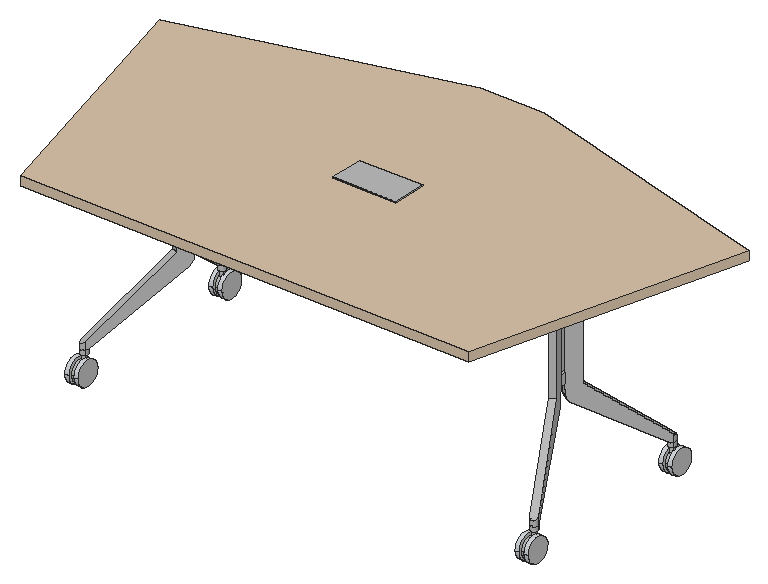
Revit family "Haworth_Planes_CollaborativeTable_Polygon", category Furniture Systems, Revit 2018
Family settings
  Round Connector Dimension = Use Diameter
  Part Type = Normal
  OmniClass Number = 23.40.70.14.64.21
  OmniClass Title = Systems Furniture
  Work Plane-Based = No
  Always vertical = Yes
  Cut with Voids When Loaded = No
  Shared = No
  Room Calculation Point = No
Parameters (values of type "72w 36d")
  Warranty = "http://www.haworth.com/resources/product-info/warranties"
  URL - Product = "http://www.haworth.com/products/tables/collaborative/planes"
  Table Finish [instance] = Haworth _ Laminate _ Maple H-AE
  Table Edge Finish [instance] = Haworth _ Laminate _ Maple H-AE
  Sustainability Info = "https://www.haworth.com/company-info/sustainability"
  Stretcher Width = Actual Width - ([Support Spacing - From Edge] * 2)  # 47 55/128"
  Small = no
  Opening Single Wide = no
  Opening Single = not(Opening Single Wide)  # yes
  Large = not(Small)  # yes
  Knife Edge = not(Edgeband)  # no
  Flip Top Width = Cutout Width + 5/16"  # 8 5/16"
  Flip Top Finish = Haworth _ Paint _ Metallic Champagne
  Flip Top Depth = Cutout Depth + 7/16"  # 4 7/16"
  Edgeband = yes
  Model = "TACV"  # constant formula
  Leg Finish [instance] = Haworth _ Paint _ Metallic Champagne
  Glides = not(Casters)  # no
  Flip Top = yes
  Description = "Haworth - Planes Collaborative Table - Polygon - 72w 36d"
  Cutout Width = if(Opening Single Wide, 11", 8")  # 8"
  Cutout Depth = 4"  # constant formula
  Cutout = yes
  URL = "www.haworth.com"
  Table Thickness = 1 3/16"  # constant formula
  Support Spacing - From Edge = 15"  # constant formula
  Size = "Verify Final Dim. w/ Haworth"  # constant formula
  Revision Number = "6"  # constant formula
  Min/Max Width = "60 or 72 in."  # constant formula
  Min/Max Depth = "30 or 36 in."  # constant formula
  Min. Width = 60"  # constant formula
  Max. Width = 72"  # constant formula
  Min. Depth = 30"  # constant formula
  Max. Depth = 36"  # constant formula
  Manufacturer = "Haworth"  # constant formula
  Leg Height = Actual Height - Table Thickness  # 27 13/16"
  Casters = yes
  Caster Finish = Haworth _ Paint _ Metallic Champagne
  Author = "Haworth (Alias), SHAPE Environments, LLC"  # constant formula
  Assembly Code = "E2020200"
  Actual Width = if(Large, 77 55/128", 65 115/128")  # 77 55/128"
  Actual Height = 29"  # constant formula
  Actual Depth = if(Large, 43 115/128", 36 143/256")  # 43 115/128"
Types (2): name | Sustainability Info | Stretcher Width | Small | Large | Description | Actual Width | Actual Depth
  72w 36d | "https://www.haworth.com/company-info/sustainability" | 47 55/128" | no | yes | "Haworth - Planes Collaborative Table - Polygon - 72w 36d" | 77 55/128" | 43 115/128"
  60w 30d | "http://www.haworth.com/company-info/sustainablility" | 35 115/128" | yes | no | "Haworth - Planes Collaborative Table - Polygon - 60w 30d" | 65 115/128" | 36 143/256"
Reference planes (in)
  plane 1 "Center F/B": y = 0
  plane 2: z = 0
  plane 3 "Center L/R": x = 0
  plane 4 "Table Edge Left": x = -38.71484
  plane 5 "Table Edge Right": x = 38.71484
  plane 6 "Table Edge Front": y = 21.94922
  plane 7 "Table Edge Back": y = -21.94922
  plane 8 "Table Leg Left": x = -23.71484
  plane 9 "Table Leg Right": x = 23.71484
  plane 10 "Top": z = 29
Dimensions and locks (in)
  "Support Spacing - From Edge": plane 4 "Table Edge Left" to plane 8 "Table Leg Left"
  "Support Spacing - From Edge": plane 9 "Table Leg Right" to plane 5 "Table Edge Right"
  "Actual Width": plane 4 "Table Edge Left" to plane 5 "Table Edge Right"
  equal spacing: plane 4 "Table Edge Left", plane 3 "Center L/R", plane 5 "Table Edge Right"
  "Actual Depth": plane 6 "Table Edge Front" to plane 7 "Table Edge Back"
  equal spacing: plane 6 "Table Edge Front", plane 1 "Center F/B", plane 7 "Table Edge Back"
  "Actual Height": plane 10 "Top" to level
  aligned: plane 9 "Table Leg Right" to nested 2
  aligned: plane 8 "Table Leg Left" to nested 1
  aligned and locked: plane 8 "Table Leg Left" to nested 1
  aligned and locked: plane 9 "Table Leg Right" to nested 2
  aligned and locked: nested 4 to plane 1 "Center F/B"
  aligned and locked: plane 3 "Center L/R" to nested 4
  aligned and locked: plane 2 to nested 4
  aligned and locked: nested 2 to plane 2
  aligned and locked: plane 2 to nested 1
  aligned and locked: plane 2 to nested 5
  aligned and locked: plane 1 "Center F/B" to nested 5
  aligned and locked: plane 3 "Center L/R" to nested 5
  aligned and locked: plane 3 "Center L/R" to nested 3
  aligned and locked: plane 1 "Center F/B" to nested 3
  aligned and locked: nested 2 to plane 1 "Center F/B"
  aligned and locked: plane 1 "Center F/B" to nested 1
  aligned and locked: plane 10 "Top" to nested 3
Nested families (in)
  nested 1: "Haworth_Leg-Y_Part" at (-23.71484, 0, 0), type "Leg"
  nested 2: "Haworth_Leg-Y_Part" at (23.71484, 0, 0) x (-1, 0, 0) z (0, 0, 1), type "Leg"
  nested 3: "Haworth_Worksurface_FlipTop_Unit_Part" at (-0.57037, -0.05249, 29), visible <- "Flip Top", type "Single Sided"
    with Actual Width 8 5/16", Actual Depth 4 7/16"
  nested 4: "Haworth_Planes_CollaborativeTable_Stretcher_Part" at (0, -3.19283, 0), type "Stretcher"
    with Actual Width 47 55/128"
  nested 5: "Haworth_Planes_Collaborative_Worksurface_Polygon_Part" at (0, -15, 0), type "Worksurface"
    with Small no, Knife Edge no
Definition of nested family "Haworth_Leg-Y_Part"
  Parameters (values of type "Leg")
    Leg Height = 27 13/16"
    Leg Finish = none
    Glides = no
    Casters = yes
    Caster Finish = none
    Assembly Code = ""
  Reference planes (in)
    plane 1 "Center (Front/Back)": y = 0
    plane 2 "Bottom": z = 0
    plane 3 "Center (Left/Right)": x = 0
    plane 4 "Top of Leg": z = 27.8125
    plane 5 "Y Leg Stand": x = -5.875
    plane 6 "Left Y Leg": through (-0.17621, 0.60996, 48) normal (-0.8829, -0.4695, 0)
    plane 7 "Left Post": x = -0.5625
    plane 8 "Left Support": y = 11.32793
    plane 9: through (-0.17621, -0.60996, 48) normal (0.8829, -0.4695, 0)
    plane 10: y = -11.32793
  Forms (in)
    Extrusion 1, solid, material <- "Leg Finish"
      sketch origin (-0.51599, 0, 0) x (1, 0, 0) y (0, 0, 1)
        loop
          line (0.28125, 13.625) -> (0.28125, 14.875) -> (-0.04651, 14.875) -> (-0.04651, 13.625) -> (0.28125, 13.625)
      from -1 to 1
    Extrusion 2, solid, material <- "Leg Finish"
      sketch origin (-0.17621, 0.60996, 48) x (0.469468, -0.88295, 0) y (0, 0, -1)
        loop
          line (-2, 34.75027) -> (-2, 20.1875) -> (0, 20.1875) -> (0, 34.38219) -> (-0.09992, 35.81107)
          arc (-0.09992, 35.81107) -> (-0.23667, 36.25861) -> (-0.55568, 36.601) r 1.04081
          line (-0.55568, 36.601) -> (-11.7751, 43.96035) -> (-12.64299, 43.96035) -> (-12.64299, 43.40736) -> (-2, 34.75027)
      from -0.4375 to 0.4375
    Extrusion 3, void
      sketch origin (0.73566, 0.86334, 0) x (0.88295, 0.469468, 0) y (-0.469468, 0.88295, 0)
        loop
          arc (-1.36158, 12.3432) -> (-0.92408, 12.7807) -> (-0.48658, 12.3432) r 0.4375
          line (-0.48658, 12.3432) -> (-0.31134, 12.3432) -> (-0.31134, 12.89092) -> (-1.53683, 12.89092) -> (-1.53683, 12.3432) -> (-1.36158, 12.3432)
      from 3.22588 to 5.51592
    Revolve 4, solid, material <- "Leg Finish", visible <- "Glides"
      sketch origin (-5.88448, -0.04176, 0) x (-0.000803, -1, 0) y (0, 0, 1)
        loop
          line (-11.36969, 3.4375) -> (-11.36969, 0) -> (-10.36969, 0) -> (-10.36969, 0.1875) -> (-10.93219, 0.1875) -> (-10.93219, 3.4375) -> (-11.36969, 3.4375)
        axis (-11.36969, 3.4375) -> (-11.36969, 0)
      angle from 0 to 360
    Extrusion 5, solid, material <- "Leg Finish"
      sketch origin (0.73566, 0.86334, 0) x (0.88295, 0.469468, 0) y (-0.469468, 0.88295, 0)
        loop
          circle (-0.92408, 12.3432) r 0.4375
      from 3.4375 to 4.03965
    Extrusion 6, solid, material <- "Leg Finish"
      sketch origin (-0.17621, -0.60996, 48) x (0.469468, 0.88295, 0) y (0, 0, 1)
        loop
          line (-2, -34.75027) -> (-12.64299, -43.40736) -> (-12.64299, -43.96035) -> (-11.7751, -43.96035) -> (-0.55568, -36.601)
          arc (-0.55568, -36.601) -> (-0.23667, -36.25861) -> (-0.09992, -35.81107) r 1.04081
          line (-0.09992, -35.81107) -> (0, -34.38219) -> (0, -20.1875) -> (-2, -20.1875) -> (-2, -34.75027)
      from -0.4375 to 0.4375
    Extrusion 7, void
      sketch origin (0.73566, -0.86334, 0) x (0.88295, -0.469468, 0) y (0.469468, 0.88295, 0)
        loop
          line (-1.36158, -12.3432) -> (-1.53683, -12.3432) -> (-1.53683, -12.89092) -> (-0.31134, -12.89092) -> (-0.31134, -12.3432) -> (-0.48658, -12.3432)
          arc (-0.48658, -12.3432) -> (-0.92408, -12.7807) -> (-1.36158, -12.3432) r 0.4375
      from 3.22588 to 5.51592
    Revolve 8, solid, material <- "Leg Finish", visible <- "Glides"
      sketch origin (-5.88378, 0.04176, 0) x (-0.000803, 1, 0) y (0, 0, -1)
        loop
          line (-11.36969, -3.4375) -> (-10.93219, -3.4375) -> (-10.93219, -0.1875) -> (-10.36969, -0.1875) -> (-10.36969, 0) -> (-11.36969, 0) -> (-11.36969, -3.4375)
        axis (-11.36969, -3.4375) -> (-11.36969, 0)
      angle from 0 to 360
    Extrusion 9, solid, material <- "Leg Finish"
      sketch origin (0.73566, -0.86334, 0) x (0.88295, -0.469468, 0) y (0.469468, 0.88295, 0)
        loop
          circle (-0.92408, -12.3432) r 0.4375
      from 3.4375 to 4.03965
  Cuts and joins
    Extrusion 3, Extrusion 7 cuts Extrusion 1
    Extrusion 3, Extrusion 7 cuts Extrusion 2
    Extrusion 7 cuts Extrusion 5
    Extrusion 7 cuts Extrusion 6
    Extrusion 7 cuts Extrusion 9
    joined: Extrusion 1, Extrusion 2, Extrusion 5, Extrusion 6, Extrusion 9
    Extrusion 7 cuts Revolve 4
    Extrusion 7 cuts Revolve 8
  Lines and regions (in)
    Masking region 1
      outline origin (0, 0, 0) x (1, 0, 0) y (0, 1, 0)
        loop
          line (0.21008, 0.81535) -> (-5.48871, 11.53332)
          arc (-5.48871, 11.53332) -> (-6.08039, 11.71422) -> (-6.26129, 11.12254) r 0.4375
          line (-6.26129, 11.12254) -> (-0.5625, 0.40456) -> (-0.5625, -0.40456) -> (-6.26129, -11.12254)
          arc (-6.26129, -11.12254) -> (-6.08039, -11.71422) -> (-5.48871, -11.53332) r 0.4375
          line (-5.48871, -11.53332) -> (0.21008, -0.81535) -> (-0.23474, -0.57883) -> (-0.23474, 0.57883) -> (0.21008, 0.81535)
    symbolic lines, visible <- "Glides"
      curve 1: circle (-5.875, -11.32793, 0) r 1 normal (0, 0, 1)
      curve 2: circle (-5.875, 11.32793, 0) r 1 normal (0, 0, 1)
  Dimensions and locks (in)
    "Leg Height": plane 4 "Top of Leg" to level
    plane 5 "Y Leg Stand" to plane 3 "Center (Left/Right)" = 5 7/8"
    locked: plane 7 "Left Post" to plane 3 "Center (Left/Right)" at 0.5625
  Automatic sketch dimensions
    plane 7 "Left Post" to Extrusion 1 sketch curve = 0"
    Extrusion 1 sketch curve to plane 3 "Center (Left/Right)" = 0.23474"
    level to Extrusion 1 sketch curve = 13 5/8"
    Extrusion 1 sketch curve to Extrusion 1 sketch curve = 1 1/4"
    plane 4 "Top of Leg" to Extrusion 2 sketch curve = 0"
    Extrusion 2 sketch curve to level = 4.59264"
    Extrusion 2 sketch curve to level = 4.03965"
    Extrusion 2 sketch curve to Extrusion 2 sketch curve = 0.86789"
    Extrusion 2 sketch curve to Extrusion 2 sketch curve = 10.64299"
    Extrusion 2 sketch curve to Extrusion 2 sketch curve = 0.86181"
    Extrusion 2 sketch curve to level = 11.399"
    Extrusion 2 sketch curve to Extrusion 2 sketch curve = 0.58251"
    Extrusion 2 sketch curve to level = 12.18893"
    Extrusion 2 sketch curve to Extrusion 2 sketch curve = 0.45577"
    Extrusion 2 sketch curve to Extrusion 2 sketch curve = 2"
    Extrusion 2 sketch curve to Extrusion 2 sketch curve = 0.98819"
    Extrusion 2 sketch curve to Extrusion 2 sketch curve = 1.42888"
    Extrusion 3 sketch curve to plane 5 "Y Leg Stand" = 0"
    Extrusion 3 sketch curve to plane 6 "Left Y Leg" = 0"
    Extrusion 3 sketch curve to plane 6 "Left Y Leg" = 7/16"
    Extrusion 3 sketch curve to Extrusion 3 sketch curve = 0.17524"  (x2)
    Extrusion 3 sketch curve to Extrusion 3 sketch curve = 0.54772"
    Revolve 4 sketch curve to level = 0"
    level to Revolve 4 sketch curve = 3.42885"
    Revolve 4 sketch curve to Revolve 4 sketch curve = 0"
    level to Revolve 4 sketch curve = 3/16"
    Revolve 4 sketch curve to Revolve 4 sketch curve = 7/16"
    Revolve 4 sketch curve to Revolve 4 sketch curve = 9/16"
    Revolve 4 sketch curve to level = 1.07115"
    Revolve 4 sketch curve to Revolve 4 sketch curve = 0.00865"
    Extrusion 5 sketch curve to plane 5 "Y Leg Stand" = 0"
    Extrusion 5 sketch curve to plane 6 "Left Y Leg" = 0"
    Extrusion 6 sketch curve to plane 4 "Top of Leg" = 0"
    level to Extrusion 6 sketch curve = 4.59264"
    level to Extrusion 6 sketch curve = 4.03965"
    Extrusion 6 sketch curve to Extrusion 6 sketch curve = 0.86789"
    Extrusion 6 sketch curve to Extrusion 6 sketch curve = 10.64299"
    Extrusion 6 sketch curve to Extrusion 6 sketch curve = 0.86181"
    level to Extrusion 6 sketch curve = 11.399"
    Extrusion 6 sketch curve to Extrusion 6 sketch curve = 0.58251"
    level to Extrusion 6 sketch curve = 12.18893"
    Extrusion 6 sketch curve to Extrusion 6 sketch curve = 0.45577"
    Extrusion 6 sketch curve to Extrusion 6 sketch curve = 2"
    Extrusion 6 sketch curve to Extrusion 6 sketch curve = 0.98819"
    Extrusion 6 sketch curve to Extrusion 6 sketch curve = 1.42888"
    Extrusion 7 sketch curve to plane 5 "Y Leg Stand" = 0"
    plane 9 to Extrusion 7 sketch curve = 0"
    plane 9 to Extrusion 7 sketch curve = 7/16"
    Extrusion 7 sketch curve to Extrusion 7 sketch curve = 0.17524"  (x2)
    Extrusion 7 sketch curve to Extrusion 7 sketch curve = 0.54772"
    Revolve 8 sketch curve to level = 0"
    level to Revolve 8 sketch curve = 3.42885"
    Revolve 8 sketch curve to Revolve 8 sketch curve = 0"
    level to Revolve 8 sketch curve = 3/16"
    Revolve 8 sketch curve to Revolve 8 sketch curve = 7/16"
    Revolve 8 sketch curve to Revolve 8 sketch curve = 9/16"
    Revolve 8 sketch curve to Revolve 8 sketch curve = 0.00865"
    Revolve 8 sketch curve to level = 1.07115"
    Extrusion 9 sketch curve to plane 5 "Y Leg Stand" = 0"
    plane 9 to Extrusion 9 sketch curve = 0"
    Masking region 1 sketch curve to plane 5 "Y Leg Stand" = 0"  (x2)
    Masking region 1 sketch curve to plane 7 "Left Post" = 0"
    plane 9 to Masking region 1 sketch curve = 0"
    Masking region 1 sketch curve to plane 6 "Left Y Leg" = 0"
    plane 5 "Y Leg Stand" to Masking region 1 sketch curve = 0.38629"  (x2)
    Masking region 1 sketch curve to plane 8 "Left Support" = 0.20539"
    plane 10 to Masking region 1 sketch curve = 0.20539"
    plane 8 "Left Support" to Masking region 1 sketch curve = 0.20539"
    plane 3 "Center (Left/Right)" to Masking region 1 sketch curve = 0.21008"  (x2)
    Masking region 1 sketch curve to plane 3 "Center (Left/Right)" = 0.23474"
    Masking region 1 sketch curve to Masking region 1 sketch curve = 0.17427"  (x2)
    Masking region 1 sketch curve to plane 5 "Y Leg Stand" = 0.38629"
    plane 1 "Center (Front/Back)" to Masking region 1 sketch curve = 0.81535"
    Masking region 1 sketch curve to plane 1 "Center (Front/Back)" = 0.40456"
    curve 2 to plane 5 "Y Leg Stand" = 0"
    curve 1 to plane 5 "Y Leg Stand" = 0"
    plane 9 to curve 1 = 0"
    curve 2 to plane 6 "Left Y Leg" = 0"
    radius of Extrusion 5 sketch curve = 7/16"
    radius of Extrusion 9 sketch curve = 7/16"
    radius of curve 1 = 1"
    radius of curve 2 = 1"
  Nested families (in)
    nested 1: "Haworth_3in Caster" at (-5.875, 11.32793, 0), visible <- "Casters", type "Haworth_3in Caster"
    nested 2: "Haworth_3in Caster" at (-5.875, -11.32793, 0), visible <- "Casters", type "Haworth_3in Caster"
  Definition of nested family "Haworth_3in Caster"
    Parameters (values of type "Haworth_3in Caster")
      Glides = yes
      Caster Finish = none
      Cart Leg Finish = none
      Assembly Code = ""
    Reference planes (in)
      plane 1 "Center (Front/Back)": y = 0
      plane 2: z = 0
      plane 3 "Center (Left/Right)": x = 0
    Forms (in)
      Extrusion 1, solid
        sketch origin (0, 0, -0.02118) x (0, 1, 0) y (0, 0, 1)
          loop
            circle (-0.48695, 1.58368) r 1.5625
        from 0.875 to 0.3125
      Extrusion 2, solid
        sketch origin (0, 0, -0.02118) x (0, 1, 0) y (0, 0, 1)
          loop
            circle (-0.48695, 1.58368) r 1.5625
        from -0.875 to -0.3125
      Extrusion 3, solid
        sketch origin (0, 0, 0) x (0, 1, 0) y (0, 0, 1)
          loop
            circle (-0.48695, 1.5625) r 1.3125
        from -0.3125 to 0.3125
      Extrusion 4, solid
        sketch origin (0, 0, 0) x (1, 0, 0) y (0, 1, 0)
          loop
            circle (0, 0) r 0.25
        from 2.4375 to 3.4375
    Cuts and joins
      joined: Extrusion 3, Extrusion 4
    Lines and regions (in)
      Masking region 1
        outline origin (0, 0, 0) x (1, 0, 0) y (0, 1, 0)
          loop
            line (-0.875, 1.07555) -> (-0.875, -2.04945) -> (-0.3125, -2.04945) -> (-0.3125, -1.79945) -> (0.3125, -1.79945) -> (0.3125, -2.04945) -> (0.875, -2.04945) -> (0.875, 1.07555) -> (0.3125, 1.07555) -> (0.3125, 0.82555) -> (-0.3125, 0.82555) -> (-0.3125, 1.07555) -> (-0.875, 1.07555)
      symbolic lines
        curve 1: circle (0, 0, 0) r 0.25 normal (0, 0, 1)
    Dimensions and locks (in)
      plane 3 "Center (Left/Right)" to Extrusion 2 = 5/16"
      Extrusion 1 to plane 3 "Center (Left/Right)" = 7/8"
Definition of nested family "Haworth_Worksurface_FlipTop_Unit_Part"
  Parameters (values of type "Single Sided")
    Warranty = "www.haworth.com/en-us/Products/Pages/Certifications.aspx"
    URL - Product = "www.haworth.com/en-us/Products/Furniture/Systems/Desking-Systems/Pages/Compose.aspx"
    URL = "www.haworth.com"
    Sustainability Info = "www.haworth.com/en-us/About-Us/Sustainability/Pages/Vision.aspx"
    Size = "Verify Final Dim. w/ Haworth"  # constant formula
    Revision Number = "2"  # constant formula
    Model = "Haworth_Worksurface-Flip_Top_Unit"  # constant formula
    Manufacturer = "Haworth"  # constant formula
    LEED Data = "www.haworth.com/_layouts/Haworth.ProductCatalog/Handlers/GetAsset.ashx/ComposeLEEDContributions.pdf?cid=27&rid=1824&type=Leed"
    Flip Top Finish = none
    Description = "Haworth Worksurface-Flip Top Unit - Part"
    Default Elevation = 48"
    Author = "SHAPE Environments, LLC"  # constant formula
    Assembly Code = "E2020200"
    Actual Width = 8 1/4"
    Actual Depth = 4 3/8"
  Reference planes (in)
    plane 1 "Center F/B": y = 0.05249
    plane 2: z = 0
    plane 3 "Center L/R": x = 0.57037
    plane 4 "Back": y = 2.23999
    plane 5 "Right": x = 4.69537
    plane 6 "Front": y = -2.13501
    plane 7 "Left": x = -3.55463
    plane 8 "Table Height": z = 0
  Forms (in)
    Extrusion 1, solid, material <- "Flip Top Finish"
      sketch origin (0, 0, 0) x (-1, 0, 0) y (0, -1, 0)
        loop
          line (3.55463, -2.23999) -> (3.55463, 2.13501) -> (-4.69537, 2.13501) -> (-4.69537, -2.23999) -> (3.55463, -2.23999)
      from 0 to 0.125
    Extrusion 2, solid, material <- "Flip Top Finish"
      sketch origin (0, 0, 0) x (-1, 0, 0) y (0, -1, 0)
        loop
          line (3.42963, -2.05249) -> (3.42963, 1.94751) -> (-4.57037, 1.94751) -> (-4.57037, -2.05249) -> (3.42963, -2.05249)
      from 0 to -2.75
  Cuts and joins
    joined: Extrusion 1, Extrusion 2
  Lines and regions (in)
    Masking region 1
      outline origin (0, 0, 0) x (1, 0, 0) y (0, 1, 0)
        loop
          line (-3.55463, 2.23999) -> (-3.55463, -2.13501) -> (4.69537, -2.13501) -> (4.69537, 2.23999) -> (-3.55463, 2.23999)
  Dimensions and locks (in)
    equal spacing: plane 7 "Left", plane 3 "Center L/R", plane 5 "Right"
    "Actual Width": plane 7 "Left" to plane 5 "Right"
    equal spacing: plane 6 "Front", plane 1 "Center F/B", plane 4 "Back"
    "Actual Depth": plane 4 "Back" to plane 6 "Front"
    plane 7 "Left" to Extrusion 2 sketch curve = 1/8"
    plane 4 "Back" to Extrusion 2 sketch curve = 3/16"
    Extrusion 2 sketch curve to plane 5 "Right" = 1/8"
    Extrusion 2 sketch curve to plane 6 "Front" = 3/16"
    locked: plane 8 "Table Height" to level
    aligned and locked: plane 7 "Left" to Extrusion 1 sketch curve
    aligned and locked: Extrusion 1 sketch curve to plane 4 "Back"
    aligned and locked: plane 6 "Front" to Extrusion 1 sketch curve
    aligned and locked: Extrusion 1 sketch curve to plane 5 "Right"
    aligned and locked: Masking region 1 sketch curve to cut or joined group of Extrusion 1, Extrusion 2  (x3)
    aligned and locked: cut or joined group of Extrusion 1, Extrusion 2 to Masking region 1 sketch curve
Definition of nested family "Haworth_Planes_CollaborativeTable_Stretcher_Part"
  Parameters (values of type "Stretcher")
    Warranty = "http://www.haworth.com/resources/product-info/warranties"
    URL - Product = "http://www.haworth.com/products/tables/training/planes"
    Type Comments = ""
    Sustainability Info = "http://media.haworth.com/asset/5175/Planes%20tables%20PEDS.pdf"
    Model = "Haworth Planes"  # constant formula
    Leg Finish = none
    Height = 26 245/256"  # constant formula
    Description = "Haworth - Planes Training - Table Stretcher"
    URL = "www.haworth.com"
    Size = "Verify Final Dim. w/ Haworth"  # constant formula
    Revision Number = "1"  # constant formula
    Manufacturer = "Haworth"  # constant formula
    Author = "Haworth (Alias)"  # constant formula
    Assembly Code = "E2020200"
    Actual Width = 46"
    Actual Depth = 4 119/128"  # constant formula
  Reference planes (in)
    plane 1 "Bottom": z = 0
    plane 2 "Center L/R": x = 0
    plane 3 "Left": x = -23
    plane 4 "Right": x = 23
    plane 5 "Center FB": y = 3.19283
    plane 6 "Back": y = 5.65767
    plane 7 "Front": y = 0.72799
  Forms (in)
    Extrusion 1, solid, material <- "Leg Finish"
      sketch origin (30, 0.35365, 0) x (0, 1, 0) y (0, 0, 1)
        loop
          line (0.37434, 26.95703) -> (0.37434, 25.33721)
          arc (0.37434, 25.33721) -> (0.44756, 25.16044) -> (0.62434, 25.08721) r 0.25
          line (0.62434, 25.08721) -> (5.05402, 25.08721)
          arc (5.05402, 25.08721) -> (5.2308, 25.16044) -> (5.30402, 25.33721) r 0.25
          line (5.30402, 25.33721) -> (5.30402, 26.95703) -> (0.37434, 26.95703)
      from -53 to -7
  Lines and regions (in)
    symbolic lines, detail levels medium+fine
      curve 1: line (-23, 0.72799, 29) -> (23, 0.72799, 29)
      curve 2: line (23, 5.65767, 29) -> (-23, 5.65767, 29)
  Dimensions and locks (in)
    "Actual Width": plane 3 "Left" to plane 4 "Right"
    equal spacing: plane 3 "Left", plane 2 "Center L/R", plane 4 "Right"
    equal spacing: plane 6 "Back", plane 5 "Center FB", plane 7 "Front"
    "Actual Depth": plane 6 "Back" to plane 7 "Front"
    "Height": Extrusion 1 sketch curve to plane 1 "Bottom"
    locked: Extrusion 1 sketch curve to Extrusion 1 sketch curve at 1.86982
    aligned and locked: plane 4 "Right" to Extrusion 1
    aligned and locked: Extrusion 1 to plane 3 "Left"
    aligned and locked: Extrusion 1 sketch curve to plane 7 "Front"
    aligned and locked: plane 6 "Back" to Extrusion 1 sketch curve
    aligned and locked: plane 7 "Front" to curve 1
    aligned and locked: plane 6 "Back" to curve 2
  Automatic sketch dimensions
    curve 1 to plane 4 "Right" = 0"
    curve 2 to plane 4 "Right" = 0"
    curve 2 to plane 3 "Left" = 0"
    curve 1 to plane 3 "Left" = 0"
    Extrusion 1 sketch curve to Extrusion 1 sketch curve = 1/4"
    Extrusion 1 sketch curve to plane 6 "Back" = 1/4"
Definition of nested family "Haworth_Planes_Collaborative_Worksurface_Polygon_Part"
  Parameters (values of type "Worksurface")
    Warranty = ""
    URL - Product = ""
    URL = "www.haworth.com"
    Table Thickness = 1 3/16"
    Table Finish = none
    Table Edge Finish = none
    Small = yes
    Revision Number = "2"  # constant formula
    Note = "Verify Final Dim. w/ Haworth"  # constant formula
    Model = "Haworth Planes"  # constant formula
    Manufacturer = "Haworth"  # constant formula
    Large = yes
    Knife Edge = yes
    Front Edge Length = if(Large, 59", 50 1/2")  # 59"
    Edgeband = yes
    Cutout Width = 8"
    Cutout Dimension = if(Cutout, 3", 1")  # 3"
    Cutout Depth = 4"
    Cutout = yes
    Author = "SHAPE Environments, LLC"  # constant formula
    Assembly Code = ""
    Actual Width = if(Large, 77 55/128", 65 115/128")  # 77 55/128"
    Actual Height = 29"
    Actual Depth = if(Large, 43 115/128", 36 143/256")  # 43 115/128"
  Reference planes (in)
    plane 1 "Center F/B": y = 15
    plane 2 "Bottom": z = 0
    plane 3 "Center L/R": x = 0
    plane 4 "Table Front": y = 36.94922
    plane 5 "Table Right": x = 38.71484
    plane 6 "Table Left": x = -38.71484
    plane 7 "Table Back": y = -6.94922
    plane 8 "Table Top": z = 29
    plane 9 "Table Bottom": z = 27.8125
    plane 10 "Cutout Top": z = 30
    plane 11 "Cutout Bottom": z = 27
    plane 12 "Knife Edge Middle": z = 28.625
  Forms (in)
    Extrusion 1, solid, material <- "Table Finish", visible <- "Edgeband"
      sketch origin (0, 0, 0) x (1, 0, 0) y (0, 1, 0)
        loop
          line (-29.5, -6.94922) -> (29.5, -6.94922) -> (38.71484, 27.44105) -> (4.25, 36.94922) -> (-4.25, 36.94922) -> (-38.71484, 27.44105) -> (-29.5, -6.94922)
      from 27.8125 to 29
    Extrusion 2, void
      sketch origin (0, 0, 29) x (-1, 0, 0) y (0, -1, 0)
        loop
          line (4, -17) -> (4, -13) -> (-4, -13) -> (-4, -17) -> (4, -17)
      from -2 to 1
    Extrusion 3, solid, material <- "Table Finish", visible <- "Knife Edge"
      sketch origin (0, 0, 0) x (1, 0, 0) y (0, 1, 0)
        loop
          line (-29.5, -6.94922) -> (29.5, -6.94922) -> (38.71484, 27.44105) -> (4.25, 36.94922) -> (-4.25, 36.94922) -> (-38.71484, 27.44105) -> (-29.5, -6.94922)
      from 28.625 to 29
    Blend 4, solid, material <- "Table Finish", visible <- "Knife Edge"
      base sketch origin (0, 0, 0) x (1, 0, 0) y (0, 1, 0)
        loop
          line (-3.97918, 34.94922) -> (-36.26916, 26.04105) -> (-27.96535, -4.94922) -> (27.96535, -4.94922) -> (36.26916, 26.04105) -> (3.97918, 34.94922) -> (-3.97918, 34.94922)
      top sketch origin (0, 0, 0) x (1, 0, 0) y (0, 1, 0)
        loop
          line (38.71484, 27.44105) -> (4.25, 36.94922) -> (-4.25, 36.94922) -> (-38.71484, 27.44105) -> (-29.5, -6.94922) -> (29.5, -6.94922) -> (38.71484, 27.44105)
      from 27.8125 to 28.625
  Cuts and joins
    Extrusion 2 cuts Extrusion 1
    Extrusion 2 cuts Extrusion 3
    Extrusion 2 cuts Blend 4
  Lines and regions (in)
    Masking region 1
      outline origin (0, 0, 0) x (1, 0, 0) y (0, 1, 0)
        loop
          line (-4.25, 36.94922) -> (-38.71484, 27.44105) -> (-29.5, -6.94922) -> (29.5, -6.94922) -> (38.71484, 27.44105) -> (4.25, 36.94922) -> (-4.25, 36.94922)
    symbolic lines, visible <- "Cutout"
      curve 1: line (-4, 13, 0) -> (4, 13, 0)
      curve 2: line (4, 13, 0) -> (4, 17, 0)
      curve 3: line (4, 17, 0) -> (-4, 17, 0)
      curve 4: line (-4, 17, 0) -> (-4, 13, 0)
    symbolic lines, visible <- "Knife Edge", detail levels medium+fine
      curve 5: line (-27.96535, -4.94922, 0) -> (-36.26916, 26.04105, 0)
      curve 6: line (-36.26916, 26.04105, 0) -> (-3.97918, 34.94922, 0)
      curve 7: line (-3.97918, 34.94922, 0) -> (3.97918, 34.94922, 0)
      curve 8: line (3.97918, 34.94922, 0) -> (36.26916, 26.04105, 0)
      curve 9: line (36.26916, 26.04105, 0) -> (27.96535, -4.94922, 0)
      curve 10: line (27.96535, -4.94922, 0) -> (-27.96535, -4.94922, 0)
  Dimensions and locks (in)
    "Actual Depth": plane 7 "Table Back" to plane 4 "Table Front"
    "Actual Width": plane 6 "Table Left" to plane 5 "Table Right"
    equal spacing: plane 6 "Table Left", plane 3 "Center L/R", plane 5 "Table Right"
    equal spacing: plane 4 "Table Front", plane 1 "Center F/B", plane 7 "Table Back"
    "Table Thickness": plane 8 "Table Top" to plane 9 "Table Bottom"
    "Actual Height": plane 8 "Table Top" to level
    equal spacing: Extrusion 2 sketch curve, plane 3 "Center L/R", Extrusion 2 sketch curve
    "Cutout Width": Extrusion 2 sketch curve to Extrusion 2 sketch curve
    equal spacing: Extrusion 2 sketch curve, plane 1 "Center F/B", Extrusion 2 sketch curve
    "Cutout Depth": Extrusion 2 sketch curve to Extrusion 2 sketch curve
    locked: plane 10 "Cutout Top" to plane 8 "Table Top" at 1
    "Cutout Dimension": plane 10 "Cutout Top" to plane 11 "Cutout Bottom"
    locked: Extrusion 1 sketch curve to Extrusion 1 sketch curve at 8.5
    equal spacing: Extrusion 1 sketch curve, plane 3 "Center L/R", Extrusion 1 sketch curve  (x2)
    locked: plane 8 "Table Top" to plane 12 "Knife Edge Middle" at 0.375
    locked: Extrusion 3 sketch curve to Extrusion 3 sketch curve at 8.5
    equal spacing: Extrusion 3 sketch curve, plane 3 "Center L/R", Extrusion 3 sketch curve  (x2)
    "Front Edge Length": Extrusion 3 sketch curve to Extrusion 3 sketch curve
    "Front Edge Length": Extrusion 1 sketch curve to Extrusion 1 sketch curve
    locked: plane 7 "Table Back" to Blend 4 sketch curve at 2
    locked: plane 4 "Table Front" to Blend 4 sketch curve at 2
    locked: cut or joined group of Extrusion 2, Extrusion 3 to Blend 4 sketch curve at 2  (x3)
    locked: cut or joined group of Extrusion 1, Extrusion 2 to Blend 4 sketch curve at 2
    equal spacing: Blend 4 sketch curve, plane 3 "Center L/R", Blend 4 sketch curve  (x2)
    "Front Edge Length": Blend 4 sketch curve to Blend 4 sketch curve
    locked: Blend 4 sketch curve to Blend 4 sketch curve at 8.5
    aligned and locked: plane 8 "Table Top" to Extrusion 1
    aligned and locked: Extrusion 1 to plane 9 "Table Bottom"
    aligned and locked: plane 7 "Table Back" to Extrusion 1 sketch curve
    aligned and locked: plane 10 "Cutout Top" to Extrusion 2
    aligned and locked: Extrusion 2 to plane 11 "Cutout Bottom"
    aligned and locked: curve 1 to Extrusion 2
    aligned and locked: curve 2 to Extrusion 2
    aligned and locked: curve 3 to Extrusion 2
    aligned and locked: curve 4 to Extrusion 2
    aligned and locked: Masking region 1 sketch curve to cut or joined group of Extrusion 1, Extrusion 2  (x5)
    aligned and locked: Extrusion 1 sketch curve to plane 4 "Table Front"
    aligned and locked: plane 4 "Table Front" to Masking region 1 sketch curve
    aligned and locked: plane 8 "Table Top" to Extrusion 3
    aligned and locked: Extrusion 3 to plane 12 "Knife Edge Middle"
    aligned and locked: plane 7 "Table Back" to Blend 4 sketch curve
    aligned and locked: plane 4 "Table Front" to Blend 4 sketch curve
    aligned and locked: Blend 4 to plane 12 "Knife Edge Middle"
    aligned and locked: Blend 4 to plane 9 "Table Bottom"
    aligned and locked: curve 5 to cut or joined group of Extrusion 2, Blend 4
    aligned and locked: curve 6 to cut or joined group of Extrusion 2, Blend 4
    aligned and locked: curve 7 to cut or joined group of Extrusion 2, Blend 4
    aligned and locked: curve 8 to cut or joined group of Extrusion 2, Blend 4
    aligned and locked: curve 9 to cut or joined group of Extrusion 2, Blend 4
    aligned and locked: curve 10 to cut or joined group of Extrusion 2, Blend 4
  Automatic sketch dimensions
    Extrusion 1 sketch curve to plane 6 "Table Left" = 0"
    Extrusion 1 sketch curve to plane 5 "Table Right" = 0"
    Extrusion 1 sketch curve to plane 4 "Table Front" = 9.50817"  (x2)
    Extrusion 3 sketch curve to plane 6 "Table Left" = 0"
    plane 7 "Table Back" to Extrusion 3 sketch curve = 0"
    Extrusion 3 sketch curve to plane 4 "Table Front" = 0"
    Extrusion 3 sketch curve to plane 5 "Table Right" = 0"
    Extrusion 3 sketch curve to plane 4 "Table Front" = 9.50817"  (x2)
    Blend 4 sketch curve to plane 6 "Table Left" = 0"
    Blend 4 sketch curve to plane 5 "Table Right" = 0"
    Blend 4 sketch curve to plane 4 "Table Front" = 9.50817"  (x2)
